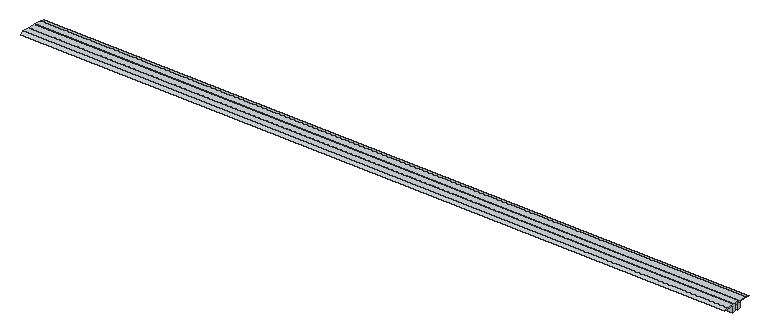
Revit family "Transition_Strip", category Furniture, Revit 2020
Family settings
  OmniClass Number = 23.40.00.00
  OmniClass Title = Equipment and Furnishings
  Cut with Voids When Loaded = Yes
  Shared = No
  Room Calculation Point = No
Parameters (values of type "transStrip3")
  Z = -0.43208"
  X = 0.63115"
  Width [instance] = 2.00"
  Trim Angle2 [instance] = 0.00°
  Trim Angle1 [instance] = 0.00°
  Strip Type = S3 : S3
  Material = none
  built-in parameter 1001306 [instance] = 48.00"
  Default Elevation = 0.00"
Reference planes (in)
  plane 1 "Center (Front/Back)": y = 0
  plane 2: z = 0
  plane 3 "Left": x = 0
  plane 4 "Right": x = 48
  plane 5: y = 0.31558
  plane 6: y = -0.31558
Forms (in)
  Extrusion 1, void
    sketch origin (0, 0, 0) x (1, 0, 0) y (0, 1, 0)
      loop
        line (0, -0.31558) -> (48, -0.31558) -> (48, 0.31558) -> (0, 0.31558) -> (0, -0.31558)
    from 0 to -0.43208 <- "Z"
Lines and regions (in)
  reference lines
    curve 1: line (0, 0, 0) -> (48, 0, 0)
Dimensions and locks (in)
  "built-in parameter 1001306": plane 3 "Left" to plane 4 "Right"
  "X": plane 6 to plane 5
  equal spacing: plane 6, plane 1 "Center (Front/Back)", plane 5
  aligned and locked: plane 4 "Right" to curve 1
  aligned and locked: plane 1 "Center (Front/Back)" to curve 1
  aligned and locked: plane 3 "Left" to curve 1
  aligned and locked: level to plane 2
  aligned and locked: plane 1 "Center (Front/Back)" to nested 1
  aligned and locked: plane 3 "Left" to nested 1
  aligned and locked: plane 4 "Right" to nested 1
  aligned and locked: plane 6 to Extrusion 1 sketch curve
  aligned and locked: Extrusion 1 sketch curve to plane 5
  aligned and locked: plane 4 "Right" to Extrusion 1 sketch curve
  aligned and locked: Extrusion 1 sketch curve to plane 3 "Left"
  aligned and locked: plane 2 to Extrusion 1
Nested families (in)
  nested 1: "S3" at (0, 0, 0), Material <- "Material", type <- "Strip Type", Trim Angle1 <- "Trim Angle1", Trim Angle2 <- "Trim Angle2", Width <- "Width", type "S3"
    with X2 0.00°, X1 0.00°, Width 2.00", Trim Angle2 0.00°, Trim Angle1 0.00°, Space2 4.00", Space1 4.00", Material none, built-in parameter 1001306 48.00"
Definition of nested family "S3"
  Parameters (values of type "S3")
    X2 [instance] = if(Trim Angle2 > 0.00°, Trim Angle2, Trim Angle2 * -1)  # 0.00°
    X1 [instance] = if(Trim Angle1 > 0.00°, Trim Angle1, Trim Angle1 * -1)  # 0.00°
    Width [instance] = 6.00"
    Trim Angle2 [instance] = 0.00°
    Trim Angle1 [instance] = 0.00°
    Space2 [instance] = (3.00" * (tan(X2))) + 2 * Width  # 12.00"
    Space1 [instance] = (3.00" * (tan(X1))) + 2 * Width  # 12.00"
    Material [instance] = none
    built-in parameter 1001306 [instance] = 48.00"
    Default Elevation = 0.00"
  Reference planes (in)
    plane 1 "Center (Front/Back)": y = 0
    plane 2: z = 0
    plane 3 "Left": x = 0
    plane 4 "Right": x = 48
    plane 5: z = 0.07874
    plane 6: z = -0.43208
    plane 7: x = -12
    plane 8: x = 60
    plane 9: y = 3
    plane 10: y = -3
  Forms (in)
    Sweep 1, solid, material <- "Material"
      path origin (0, 0, 0) x (1, 0, 0) y (0, 1, 0)
        loop
          line (-12, 0) -> (60, 0)
      profile origin (24, 0, 0) x (0, 1, 0) y (0, 0, 1)
        loop
          line (-0.31558, 0) -> (-0.31558, -0.43208) -> (-0.11811, -0.43208) -> (-0.11811, 0) -> (-0.23684, 0) -> (-0.23684, 0.07874) -> (-2.75766, 0.07874) -> (-3, 0) -> (-0.31558, 0)
        loop
          line (0.23684, 0.07874) -> (0.23684, 0) -> (0.11811, 0) -> (0.11811, -0.43208) -> (0.31558, -0.43208) -> (0.31558, 0) -> (3, 0) -> (2.75766, 0.07874) -> (0.23684, 0.07874)
    Sweep 2, solid, material <- "Material"
      path origin (0, 0, 0) x (1, 0, 0) y (0, 1, 0)
        loop
          line (-12, 0) -> (60, 0)
      profile origin (24, 0, 0) x (0, 1, 0) y (0, 0, 1)
        loop
          line (0.23684, 0.07874) -> (-0.23684, 0.07874) -> (-0.23684, 0) -> (0.23684, 0) -> (0.23684, 0.07874)
    Extrusion 3, void
      sketch origin (0, 0, 0) x (1, 0, 0) y (0, 1, 0)
        loop
          line (-12, -3) -> (0, -3) -> (0, 0) -> (0, 3) -> (-12, 3) -> (-12, -3)
        loop
          line (60, -3) -> (60, 3) -> (48, 3) -> (48, 0) -> (48, -3) -> (60, -3)
      from -0.43208 to 0.07874
  Cuts and joins
    Extrusion 3 cuts Sweep 1
    Extrusion 3 cuts Sweep 2
  Lines and regions (in)
    reference lines
      curve 1: line (0, 0, 0) -> (48, 0, 0)
  Dimensions and locks (in)
    "built-in parameter 1001306": plane 3 "Left" to plane 4 "Right"
    plane 5 to plane 2 = 0.07874"
    plane 5 to plane 6 = 0.51082"
    locked: plane 9 to Sweep 1 sketch curve at 0.24234
    "Space1": plane 7 to plane 3 "Left"
    "Space2": plane 4 "Right" to plane 8
    equal spacing: plane 10, plane 1 "Center (Front/Back)", plane 9
    "Width": plane 10 to plane 9
    locked: Sweep 1 sketch curve to plane 10 at 0.24234
    equal spacing: Extrusion 3 sketch curve, plane 1 "Center (Front/Back)", Extrusion 3 sketch curve  (x2)
    "Width": Extrusion 3 sketch curve to Extrusion 3 sketch curve  (x2)
    "Trim Angle1": angle Extrusion 3 sketch curve to plane 3 "Left"
    "Trim Angle2": angle Extrusion 3 sketch curve to plane 4 "Right"
    aligned and locked: plane 4 "Right" to curve 1
    aligned and locked: plane 1 "Center (Front/Back)" to curve 1
    aligned and locked: plane 3 "Left" to curve 1
    aligned and locked: level to plane 2
    aligned and locked: Sweep 1 sketch curve to profile plane
    aligned and locked: plane 1 "Center (Front/Back)" to Sweep 1 sketch curve
    aligned and locked: plane 1 "Center (Front/Back)" to Sweep 2 sketch curve
    aligned and locked: Sweep 1 sketch curve to plane 6  (x2)
    aligned and locked: plane 7 to Extrusion 3 sketch curve
    aligned and locked: Extrusion 3 sketch curve to plane 8
    aligned and locked: plane 4 "Right" to Extrusion 3 sketch curve
    aligned and locked: plane 1 "Center (Front/Back)" to Extrusion 3 sketch curve  (x2)
    aligned and locked: plane 3 "Left" to Extrusion 3 sketch curve
    aligned and locked: plane 7 to Sweep 1 sketch curve
    aligned and locked: plane 8 to Sweep 1 sketch curve
    aligned and locked: plane 5 to Extrusion 3
    aligned and locked: Extrusion 3 to plane 6
    aligned and locked: plane 9 to Sweep 1 sketch curve
    aligned and locked: plane 10 to Sweep 1 sketch curve
    aligned and locked: plane 7 to Sweep 2 sketch curve
    aligned and locked: plane 8 to Sweep 2 sketch curve
  Automatic sketch dimensions
    Sweep 2 sketch curve to profile plane = 0.00"
    profile plane to Sweep 2 sketch curve = 0.07874"
    profile plane to Sweep 2 sketch curve = 0.23684"
    Sweep 2 sketch curve to profile plane = 0.23684"
    Sweep 1 sketch curve to profile plane = 0.00"  (x3)
    profile plane to Sweep 1 sketch curve = 0.07874"  (x2)
    Sweep 1 sketch curve to Sweep 1 sketch curve = 0.07874"  (x2)
    profile plane to Sweep 1 sketch curve = 0.11811"
    Sweep 1 sketch curve to Sweep 1 sketch curve = 0.11873"  (x2)
    Sweep 1 sketch curve to profile plane = 0.11811"
